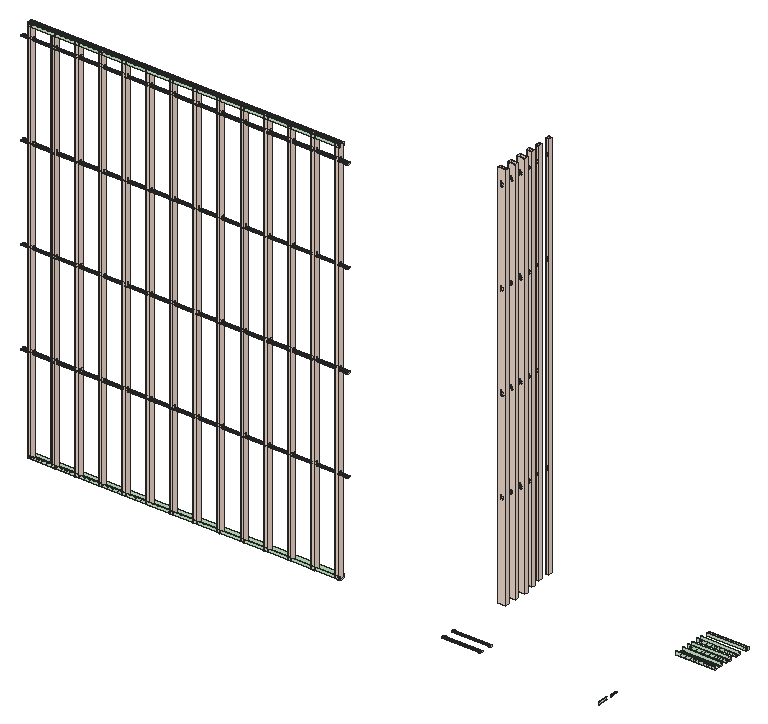
Revit family "SQ-PowerBar.", category 一般モデル, Revit 2020 (continued)
Definition of nested family "SQチャンネル（C-19）"
  Forms (mm)
    Extrusion 1, solid
      sketch origin (-9.5, 0, 0) x (0, 0, -1) y (1, 0, 0)
        loop
          arc (-6.886, 17.155) -> (-6.45, 17.039) -> (-6, 17) r 2.617
          arc (-6, 17) -> (-5.55, 17.039) -> (-5.114, 17.155) r 2.617
          line (-5.114, 17.155) -> (-2.406, 18.129)
          arc (-2.406, 18.129) -> (-1.31, 17.982) -> (-0.8, 17) r 1.2
          line (-0.8, 17) -> (-0.8, 13.5) -> (0, 13.5) -> (0, 17)
          arc (0, 17) -> (-0.85, 18.636) -> (-2.677, 18.882) r 2
          line (-2.677, 18.882) -> (-6, 17.686) -> (-9.323, 18.882)
      from 0 to -1000
  Dimensions and locks
    "K_長さ(mm)": plane 1 "中心(正面/背面)" to plane 4
    aligned and locked: level to plane 2
    aligned and locked: plane 4 to Extrusion 1
  Automatic sketch dimensions
    Extrusion 1 sketch curve to Extrusion 1 sketch curve = 0 mm  (x20)
    Extrusion 1 sketch curve to plane 3 "中心(左/右)" = 0 mm  (x2)
    Extrusion 1 sketch curve to plane 5 = 0 mm  (x2)
    Extrusion 1 sketch curve to level = 0 mm  (x2)
    Extrusion 1 sketch curve to plane 5 = 0.617 mm
    Extrusion 1 sketch curve to Extrusion 1 sketch curve = 0.8 mm  (x3)
    plane 5 to Extrusion 1 sketch curve = 0.8 mm
    plane 5 to Extrusion 1 sketch curve = 1.314 mm
    plane 3 "中心(左/右)" to Extrusion 1 sketch curve = 0.886 mm
    Extrusion 1 sketch curve to Extrusion 1 sketch curve = 0.531 mm  (x3)
    Extrusion 1 sketch curve to plane 3 "中心(左/右)" = 0.886 mm
    Extrusion 1 sketch curve to Extrusion 1 sketch curve = 1.2 mm  (x2)
    Extrusion 1 sketch curve to Extrusion 1 sketch curve = 0.406 mm  (x4)
    Extrusion 1 sketch curve to Extrusion 1 sketch curve = 0.271 mm  (x4)
    Extrusion 1 sketch curve to Extrusion 1 sketch curve = 2.707 mm  (x2)
    Extrusion 1 sketch curve to Extrusion 1 sketch curve = 0.886 mm  (x4)
    level to Extrusion 1 sketch curve = 2.677 mm  (x2)
    Extrusion 1 sketch curve to Extrusion 1 sketch curve = 2.765 mm  (x2)
    Extrusion 1 sketch curve to Extrusion 1 sketch curve = 0.14 mm  (x2)
    Extrusion 1 sketch curve to plane 3 "中心(左/右)" = 4 mm
    Extrusion 1 sketch curve to Extrusion 1 sketch curve = 3.5 mm  (x2)
    Extrusion 1 sketch curve to Extrusion 1 sketch curve = 3.709 mm  (x2)
    Extrusion 1 sketch curve to Extrusion 1 sketch curve = 1.727 mm
    Extrusion 1 sketch curve to Extrusion 1 sketch curve = 0.753 mm  (x2)
    Extrusion 1 sketch curve to Extrusion 1 sketch curve = 1.931 mm  (x2)
    plane 3 "中心(左/右)" to Extrusion 1 sketch curve = 4 mm
    Extrusion 1 sketch curve to Extrusion 1 sketch curve = 0.974 mm
Definition of nested family "SQチャンネル（C-38）"
  Parameters (values of type "SQチャンネル（C-38）")
    Manufacturer = "株式会社桐井製作所"
    Default Elevation = 0 mm
    URL = "https://www.kirii.co.jp/"
    K_長さ(mm) [instance] = 1000 mm
    K_外形寸法(mm) = "38×12×5×0.6"
    K_品名 = "SQチャンネルC-38"
    K_名称 = "振れ止め"
    K_バージョン情報 = "20210714"
  Reference planes
    plane 1 "中心(正面/背面)": y = 0
    plane 2: z = 0
    plane 3 "中心(左/右)": x = 0
    plane 4: y = 1000
    plane 5: z = 12
  Forms (mm)
    Extrusion 1, solid
      sketch origin (19, 0, 0) x (0, 0, -1) y (1, 0, 0)
        loop
          arc (-11.2, -31.193) -> (-10.618, -30.714) -> (-10.4, -29.993) r 1.3
          line (-10.4, -29.993) -> (-10.4, -25.007)
          arc (-10.4, -25.007) -> (-10.618, -24.286) -> (-11.2, -23.807) r 1.3
          line (-11.2, -23.807) -> (-11.2, -14.193)
          arc (-11.2, -14.193) -> (-10.618, -13.714) -> (-10.4, -12.993) r 1.3
          line (-10.4, -12.993) -> (-10.4, -8.007)
          arc (-10.4, -8.007) -> (-10.618, -7.286) -> (-11.2, -6.807) r 1.3
          line (-11.2, -6.807) -> (-11.2, -1.5)
          arc (-11.2, -1.5) -> (-10.995, -1.005) -> (-10.5, -0.8) r 0.7
          line (-10.5, -0.8) -> (-9.604, -0.8) -> (-6.94, -1.825)
          arc (-6.94, -1.825) -> (-6.029, -2) -> (-5.114, -1.845) r 2.617
          line (-5.114, -1.845) -> (-2.405, -0.87)
          arc (-2.405, -0.87) -> (-1.309, -1.019) -> (-0.8, -2) r 1.2
          line (-0.8, -2) -> (-0.8, -5) -> (0, -5) -> (0, -2)
          arc (0, -2) -> (-0.849, -0.364) -> (-2.675, -0.117) r 2
          line (-2.675, -0.117) -> (-5.385, -1.093)
          arc (-5.385, -1.093) -> (-6.02, -1.2) -> (-6.653, -1.079) r 1.817
          line (-6.653, -1.079) -> (-9.23, -0.087)
          arc (-9.23, -0.087) -> (-9.862, 0.007) -> (-10.5, 0) r 4.023
          arc (-10.5, 0) -> (-11.561, -0.439) -> (-12, -1.461) r 1.5
          line (-12, -1.461) -> (-12, -6.461)
          arc (-12, -6.461) -> (-11.782, -7.183) -> (-11.2, -7.661) r 1.3
          line (-11.2, -7.661) -> (-11.2, -13.338)
          arc (-11.2, -13.338) -> (-11.782, -13.817) -> (-12, -14.537) r 1.3
          line (-12, -14.537) -> (-12, -23.461)
          arc (-12, -23.461) -> (-11.782, -24.183) -> (-11.2, -24.661) r 1.3
          line (-11.2, -24.661) -> (-11.2, -30.338)
          arc (-11.2, -30.338) -> (-11.782, -30.817) -> (-12, -31.5) r 1.3
          line (-12, -31.5) -> (-12, -36.5)
          arc (-12, -36.5) -> (-11.561, -37.561) -> (-10.5, -38) r 1.5
          line (-10.5, -38) -> (-9.455, -38) -> (-6.653, -36.921)
          arc (-6.653, -36.921) -> (-6.02, -36.8) -> (-5.385, -36.907) r 1.817
          line (-5.385, -36.907) -> (-2.676, -37.882)
          arc (-2.676, -37.882) -> (-0.849, -37.636) -> (0, -36) r 2
          line (0, -36) -> (0, -33) -> (-0.8, -33) -> (-0.8, -36)
          arc (-0.8, -36) -> (-1.306, -36.979) -> (-2.397, -37.132) r 1.2
          line (-2.397, -37.132) -> (-5.114, -36.155)
          arc (-5.114, -36.155) -> (-6.029, -36) -> (-6.94, -36.175) r 2.617
          line (-6.94, -36.175) -> (-9.604, -37.2) -> (-10.5, -37.2)
          arc (-10.5, -37.2) -> (-10.995, -36.995) -> (-11.2, -36.5) r 0.7
          line (-11.2, -36.5) -> (-11.2, -31.193)
      from 0 to -1000
  Dimensions and locks
    "K_長さ(mm)": plane 1 "中心(正面/背面)" to plane 4
    aligned and locked: level to plane 2
    aligned and locked: plane 4 to Extrusion 1
  Automatic sketch dimensions
    Extrusion 1 sketch curve to Extrusion 1 sketch curve = 0 mm  (x27)
    Extrusion 1 sketch curve to level = 0 mm  (x2)
    level to Extrusion 1 sketch curve = 0 mm  (x2)
    level to Extrusion 1 sketch curve = 0.8 mm  (x2)
    Extrusion 1 sketch curve to Extrusion 1 sketch curve = 0.8 mm  (x7)
    Extrusion 1 sketch curve to Extrusion 1 sketch curve = 1.199 mm
    Extrusion 1 sketch curve to Extrusion 1 sketch curve = 0.001 mm
    Extrusion 1 sketch curve to Extrusion 1 sketch curve = 1.2 mm
    Extrusion 1 sketch curve to Extrusion 1 sketch curve = 0.398 mm
    Extrusion 1 sketch curve to Extrusion 1 sketch curve = 0.405 mm
    Extrusion 1 sketch curve to Extrusion 1 sketch curve = 0.27 mm
    Extrusion 1 sketch curve to Extrusion 1 sketch curve = 0.279 mm
    Extrusion 1 sketch curve to Extrusion 1 sketch curve = 2.709 mm
    Extrusion 1 sketch curve to Extrusion 1 sketch curve = 2.717 mm
    Extrusion 1 sketch curve to Extrusion 1 sketch curve = 0.271 mm  (x2)
    Extrusion 1 sketch curve to Extrusion 1 sketch curve = 0.615 mm  (x2)
    Extrusion 1 sketch curve to Extrusion 1 sketch curve = 1.268 mm  (x2)
    Extrusion 1 sketch curve to Extrusion 1 sketch curve = 0.287 mm  (x2)
    Extrusion 1 sketch curve to Extrusion 1 sketch curve = 2.577 mm
    Extrusion 1 sketch curve to Extrusion 1 sketch curve = 2.803 mm
    Extrusion 1 sketch curve to Extrusion 1 sketch curve = 0.374 mm
    Extrusion 1 sketch curve to Extrusion 1 sketch curve = 0.149 mm
    Extrusion 1 sketch curve to Extrusion 1 sketch curve = 0.532 mm
    Extrusion 1 sketch curve to Extrusion 1 sketch curve = 0.264 mm
    level to Extrusion 1 sketch curve = 10.4 mm
    Extrusion 1 sketch curve to Extrusion 1 sketch curve = 0.896 mm  (x2)
    Extrusion 1 sketch curve to Extrusion 1 sketch curve = 0.3 mm  (x4)
    Extrusion 1 sketch curve to Extrusion 1 sketch curve = 0.5 mm  (x8)
    Extrusion 1 sketch curve to Extrusion 1 sketch curve = 0.7 mm
    Extrusion 1 sketch curve to plane 3 "中心(左/右)" = 19.617 mm
    Extrusion 1 sketch curve to Extrusion 1 sketch curve = 0.617 mm
    Extrusion 1 sketch curve to Extrusion 1 sketch curve = 0.735 mm
    Extrusion 1 sketch curve to Extrusion 1 sketch curve = 0.749 mm
    Extrusion 1 sketch curve to Extrusion 1 sketch curve = 1.695 mm
    Extrusion 1 sketch curve to Extrusion 1 sketch curve = 0.747 mm
    Extrusion 1 sketch curve to Extrusion 1 sketch curve = 1.132 mm
    Extrusion 1 sketch curve to Extrusion 1 sketch curve = 4.962 mm
    Extrusion 1 sketch curve to Extrusion 1 sketch curve = 0.346 mm  (x10)
    Extrusion 1 sketch curve to Extrusion 1 sketch curve = 4.986 mm  (x2)
    plane 3 "中心(左/右)" to Extrusion 1 sketch curve = 4.462 mm
    Extrusion 1 sketch curve to Extrusion 1 sketch curve = 1.462 mm
    Extrusion 1 sketch curve to Extrusion 1 sketch curve = 2.455 mm
    Extrusion 1 sketch curve to Extrusion 1 sketch curve = 3 mm
    Extrusion 1 sketch curve to Extrusion 1 sketch curve = 0.975 mm
    Extrusion 1 sketch curve to Extrusion 1 sketch curve = 0.02 mm
    Extrusion 1 sketch curve to Extrusion 1 sketch curve = 2.507 mm
    Extrusion 1 sketch curve to Extrusion 1 sketch curve = 0.753 mm
    Extrusion 1 sketch curve to Extrusion 1 sketch curve = 0.713 mm
    Extrusion 1 sketch curve to Extrusion 1 sketch curve = 0.038 mm  (x2)
    Extrusion 1 sketch curve to Extrusion 1 sketch curve = 0.002 mm
Definition of nested family "SQ-C38ジョイント"
  Parameters (values of type "SQ-C38ジョイント")
    Manufacturer = "株式会社桐井製作所"
    Default Elevation = 0 mm
    URL = "https://www.kirii.co.jp/"
    K_品名 = "SQ-C38ジョイント"
    K_名称 = "チャンネルジョイント"
    K_入数 = "400"
    K_バージョン情報 = "20210714"
  Reference planes
    plane 1 "中心(正面/背面)": y = 0
    plane 2: z = 0
    plane 3 "中心(左/右)": x = 0
  Forms (mm)
    Extrusion 1, solid
      sketch origin (2.7, 0, 0) x (1, 0, 0) y (0, 0, 1)
        loop
          arc (-10, 17) -> (-10.919, 16.619) -> (-11.3, 15.7) r 1.3
          line (-11.3, 15.7) -> (-11.3, -15.7)
          arc (-11.3, -15.7) -> (-10.919, -16.619) -> (-10, -17) r 1.3
          line (-10, -17) -> (-2.7, -17) -> (-2.7, -16.2) -> (-10, -16.2)
          arc (-10, -16.2) -> (-10.354, -16.054) -> (-10.5, -15.7) r 0.5
          line (-10.5, -15.7) -> (-10.5, 15.7)
          arc (-10.5, 15.7) -> (-10.354, 16.054) -> (-10, 16.2) r 0.5
          line (-10, 16.2) -> (-2.7, 16.2) -> (-2.7, 17) -> (-10, 17)
      from -60 to 60
    Extrusion 2, solid
      sketch origin (0, 0, 0) x (1, 0, 0) y (0, 0, 1)
        loop
          line (-8.6, 11.158) -> (-8.6, 12)
          arc (-8.6, 12) -> (-10.767, 10.5) -> (-11.6, 8) r 4.167
          line (-11.6, 8) -> (-11.6, -8)
          arc (-11.6, -8) -> (-10.767, -10.5) -> (-8.6, -12) r 4.167
          line (-8.6, -12) -> (-8.6, -11.158)
          arc (-8.6, -11.158) -> (-10.196, -9.924) -> (-10.8, -8) r 3.367
          line (-10.8, -8) -> (-10.8, 8)
          arc (-10.8, 8) -> (-10.196, 9.924) -> (-8.6, 11.158) r 3.367
      from -6 to 6
    Extrusion 3, void
      sketch origin (0, 0, 0) x (0, 1, 0) y (0, 0, 1)
        loop
          line (-40, 7.521) -> (-40, -7.479) -> (-20, -7.479) -> (-20, 7.521) -> (-40, 7.521)
        loop
          line (20, 7.521) -> (20, -7.479) -> (40, -7.479) -> (40, 7.521) -> (20, 7.521)
      from -8.6 to -7.8
    Extrusion 4, solid
      sketch origin (0, 0, 0) x (1, 0, 0) y (0, 1, 0)
        loop
          line (-8.6, 40) -> (-11.6, 20) -> (-10.809, 19.881) -> (-7.8, 40) -> (-8.6, 40)
        loop
          line (-8.6, -40) -> (-7.8, -40) -> (-10.809, -19.881) -> (-11.6, -20) -> (-8.6, -40)
      from -7.479 to 7.521
    Extrusion 5, void
      sketch origin (0, 0, 0) x (0, 1, 0) y (0, 0, 1)
        loop
          line (-6, 11.158) -> (-6, -11.158) -> (6, -11.158) -> (6, 11.158) -> (-6, 11.158)
      from -8.6 to -7.8
  Cuts and joins
    Extrusion 3, Extrusion 5 cuts Extrusion 1
    joined: Extrusion 1, Extrusion 2, Extrusion 4
  Dimensions and locks
    aligned and locked: level to plane 2
Definition of nested family "SQ-PowerBar4045"
  Parameters (values of type "SQ-PowerBar4045")
    Manufacturer = "株式会社桐井製作所"
    Default Elevation = 0 mm
    振れ止め本数 [instance] = roundup(([K_長さ(mm)] - 1200 mm) * 1 / 振れ止めピッチ) * 1  # 4
    振れ止めピッチ = 1200 mm  # constant formula
    URL = "https://www.kirii.co.jp/"
    K_長さ(mm) [instance] = 5000 mm
    K_外形寸法(mm) = "40×45×0.45"
    K_品名 = "SQ-PowerBar4045"
    K_名称 = "スタッド"
    K_バージョン情報 = "20210714"
  Reference planes
    plane 1 "中心(正面/背面)": y = 0
    plane 2: z = 0
    plane 3 "中心(左/右)": x = 0
    plane 4: x = 20
    plane 5: x = -20
    plane 6: y = 22.5
    plane 7: z = 5000
    plane 8: y = -22.5
    plane 9: z = 1200
  Forms (mm)
    Extrusion 1, solid
      sketch origin (0.5, -20, 0) x (1, 0, 0) y (0, 1, 0)
        loop
          line (-20.5, 42.5) -> (-20.5, -2.5) -> (19.5, -2.5) -> (19.5, 42.5) -> (-20.5, 42.5)
        loop
          line (-20.05, 42.05) -> (-20.05, -2.05) -> (19.05, -2.05) -> (19.05, 42.05) -> (-20.05, 42.05)
      from 0 to 5000
    Extrusion 2, void
      sketch origin (0, 0, -2.498) x (1, 0, 0) y (0, 0, 1)
        loop
          line (9.5, 1214.5) -> (10.689, 1225.606)
          arc (10.689, 1225.606) -> (9.707, 1231.368) -> (5.855, 1235.765) r 10.75
          arc (5.855, 1235.765) -> (5.521, 1236.127) -> (5.4, 1236.604) r 1
          line (5.4, 1236.604) -> (5.4, 1238.5)
          arc (5.4, 1238.5) -> (5.107, 1239.207) -> (4.4, 1239.5) r 1
          line (4.4, 1239.5) -> (-4.4, 1239.5)
          arc (-4.4, 1239.5) -> (-5.107, 1239.207) -> (-5.4, 1238.5) r 1
          line (-5.4, 1238.5) -> (-5.4, 1236.604)
          arc (-5.4, 1236.604) -> (-5.521, 1236.127) -> (-5.855, 1235.765) r 1
          arc (-5.855, 1235.765) -> (-9.707, 1231.368) -> (-10.689, 1225.606) r 10.75
          line (-10.689, 1225.606) -> (-9.5, 1214.5) -> (-9.5, 1211.956) -> (-8.421, 1209.153)
          arc (-8.421, 1209.153) -> (-8.3, 1208.52) -> (-8.407, 1207.885) r 1.817
          line (-8.407, 1207.885) -> (-9.501, 1204.847) -> (-9.501, 1203.499)
          arc (-9.501, 1203.499) -> (-9.208, 1202.791) -> (-8.5, 1202.498) r 1.001
          line (-8.5, 1202.498) -> (-6.417, 1202.498)
          arc (-6.417, 1202.498) -> (-5.841, 1202.309) -> (-5.486, 1201.818) r 0.978
          line (-5.486, 1201.818) -> (-5.359, 1201.002)
          arc (-5.359, 1201.002) -> (-5.072, 1200.31) -> (-4.379, 1200.023) r 0.979
          line (-4.379, 1200.023) -> (4.379, 1200.023)
          arc (4.379, 1200.023) -> (5.072, 1200.31) -> (5.359, 1201.002) r 0.979
          line (5.359, 1201.002) -> (5.486, 1201.818)
          arc (5.486, 1201.818) -> (5.841, 1202.309) -> (6.417, 1202.498) r 0.978
          line (6.417, 1202.498) -> (8.5, 1202.5)
          arc (8.5, 1202.5) -> (9.207, 1202.793) -> (9.5, 1203.5) r 1
          line (9.5, 1203.5) -> (9.5, 1204.849) -> (8.407, 1207.885)
          arc (8.407, 1207.885) -> (8.3, 1208.52) -> (8.421, 1209.153) r 1.817
          line (8.421, 1209.153) -> (9.5, 1211.956) -> (9.5, 1214.5)
      from -22.5 to -21.596
    Extrusion 3, void
      sketch origin (0, 0, 0) x (1, 0, 0) y (0, 0, 1)
        loop
          line (-4.774, 1234.724) -> (-4.8, 1233.869)
          arc (-4.8, 1233.869) -> (-9.43, 1229.41) -> (-10.689, 1223.106) r 10.75
          line (-10.689, 1223.106) -> (-9.5, 1212.003) -> (-9.5, 1209.457) -> (-9.5, 1200.952)
          arc (-9.5, 1200.952) -> (-9.19, 1200.276) -> (-8.5, 1200) r 1.001
          line (-8.5, 1200) -> (-4.8, 1200)
          arc (-4.8, 1200) -> (-4.507, 1199.293) -> (-3.8, 1199) r 1
          line (-3.8, 1199) -> (3.8, 1199)
          arc (3.8, 1199) -> (4.507, 1199.293) -> (4.8, 1200) r 1
          line (4.8, 1200) -> (8.5, 1200.002)
          arc (8.5, 1200.002) -> (9.207, 1200.295) -> (9.5, 1201) r 1
          line (9.5, 1201) -> (9.5, 1210) -> (9.5, 1212) -> (10.689, 1223.106)
          arc (10.689, 1223.106) -> (9.431, 1229.41) -> (4.8, 1233.869) r 10.75
          line (4.8, 1233.869) -> (4.774, 1234.724)
          arc (4.774, 1234.724) -> (4.423, 1235.282) -> (3.8, 1235.5) r 1
          line (3.8, 1235.5) -> (-3.8, 1235.5)
          arc (-3.8, 1235.5) -> (-4.423, 1235.282) -> (-4.774, 1234.724) r 1
      from 21.501 to 22.5
    Extrusion 4, void
      sketch origin (0, 0, 1200) x (1, 0, 0) y (0, 0, 1)
        loop
          line (-4.774, 1234.724) -> (-4.8, 1233.869)
          arc (-4.8, 1233.869) -> (-9.43, 1229.41) -> (-10.689, 1223.106) r 10.75
          line (-10.689, 1223.106) -> (-9.5, 1212.003) -> (-9.5, 1209.457) -> (-9.5, 1200.952)
          arc (-9.5, 1200.952) -> (-9.19, 1200.276) -> (-8.5, 1200) r 1.001
          line (-8.5, 1200) -> (-4.8, 1200)
          arc (-4.8, 1200) -> (-4.507, 1199.293) -> (-3.8, 1199) r 1
          line (-3.8, 1199) -> (3.8, 1199)
          arc (3.8, 1199) -> (4.507, 1199.293) -> (4.8, 1200) r 1
          line (4.8, 1200) -> (8.5, 1200.002)
          arc (8.5, 1200.002) -> (9.207, 1200.295) -> (9.5, 1201) r 1
          line (9.5, 1201) -> (9.5, 1210) -> (9.5, 1212) -> (10.689, 1223.106)
          arc (10.689, 1223.106) -> (9.431, 1229.41) -> (4.8, 1233.869) r 10.75
          line (4.8, 1233.869) -> (4.774, 1234.724)
          arc (4.774, 1234.724) -> (4.423, 1235.282) -> (3.8, 1235.5) r 1
          line (3.8, 1235.5) -> (-3.8, 1235.5)
          arc (-3.8, 1235.5) -> (-4.423, 1235.282) -> (-4.774, 1234.724) r 1
      from 21.501 to 22.5
    Extrusion 5, void
      sketch origin (0, 0, 2400) x (1, 0, 0) y (0, 0, 1)
        loop
          line (-4.774, 1234.724) -> (-4.8, 1233.869)
          arc (-4.8, 1233.869) -> (-9.43, 1229.41) -> (-10.689, 1223.106) r 10.75
          line (-10.689, 1223.106) -> (-9.5, 1212.003) -> (-9.5, 1209.457) -> (-9.5, 1200.952)
          arc (-9.5, 1200.952) -> (-9.19, 1200.276) -> (-8.5, 1200) r 1.001
          line (-8.5, 1200) -> (-4.8, 1200)
          arc (-4.8, 1200) -> (-4.507, 1199.293) -> (-3.8, 1199) r 1
          line (-3.8, 1199) -> (3.8, 1199)
          arc (3.8, 1199) -> (4.507, 1199.293) -> (4.8, 1200) r 1
          line (4.8, 1200) -> (8.5, 1200.002)
          arc (8.5, 1200.002) -> (9.207, 1200.295) -> (9.5, 1201) r 1
          line (9.5, 1201) -> (9.5, 1210) -> (9.5, 1212) -> (10.689, 1223.106)
          arc (10.689, 1223.106) -> (9.431, 1229.41) -> (4.8, 1233.869) r 10.75
          line (4.8, 1233.869) -> (4.774, 1234.724)
          arc (4.774, 1234.724) -> (4.423, 1235.282) -> (3.8, 1235.5) r 1
          line (3.8, 1235.5) -> (-3.8, 1235.5)
          arc (-3.8, 1235.5) -> (-4.423, 1235.282) -> (-4.774, 1234.724) r 1
      from 21.501 to 22.5
    Extrusion 6, void
      sketch origin (0, 0, 3600) x (1, 0, 0) y (0, 0, 1)
        loop
          line (-4.774, 1234.724) -> (-4.8, 1233.869)
          arc (-4.8, 1233.869) -> (-9.43, 1229.41) -> (-10.689, 1223.106) r 10.75
          line (-10.689, 1223.106) -> (-9.5, 1212.003) -> (-9.5, 1209.457) -> (-9.5, 1200.952)
          arc (-9.5, 1200.952) -> (-9.19, 1200.276) -> (-8.5, 1200) r 1.001
          line (-8.5, 1200) -> (-4.8, 1200)
          arc (-4.8, 1200) -> (-4.507, 1199.293) -> (-3.8, 1199) r 1
          line (-3.8, 1199) -> (3.8, 1199)
          arc (3.8, 1199) -> (4.507, 1199.293) -> (4.8, 1200) r 1
          line (4.8, 1200) -> (8.5, 1200.002)
          arc (8.5, 1200.002) -> (9.207, 1200.295) -> (9.5, 1201) r 1
          line (9.5, 1201) -> (9.5, 1210) -> (9.5, 1212) -> (10.689, 1223.106)
          arc (10.689, 1223.106) -> (9.431, 1229.41) -> (4.8, 1233.869) r 10.75
          line (4.8, 1233.869) -> (4.774, 1234.724)
          arc (4.774, 1234.724) -> (4.423, 1235.282) -> (3.8, 1235.5) r 1
          line (3.8, 1235.5) -> (-3.8, 1235.5)
          arc (-3.8, 1235.5) -> (-4.423, 1235.282) -> (-4.774, 1234.724) r 1
      from 21.501 to 22.5
    Extrusion 7, void
      sketch origin (0, 0, 1197.502) x (1, 0, 0) y (0, 0, 1)
        loop
          line (9.5, 1214.5) -> (10.689, 1225.606)
          arc (10.689, 1225.606) -> (9.707, 1231.368) -> (5.855, 1235.765) r 10.75
          arc (5.855, 1235.765) -> (5.521, 1236.127) -> (5.4, 1236.604) r 1
          line (5.4, 1236.604) -> (5.4, 1238.5)
          arc (5.4, 1238.5) -> (5.107, 1239.207) -> (4.4, 1239.5) r 1
          line (4.4, 1239.5) -> (-4.4, 1239.5)
          arc (-4.4, 1239.5) -> (-5.107, 1239.207) -> (-5.4, 1238.5) r 1
          line (-5.4, 1238.5) -> (-5.4, 1236.604)
          arc (-5.4, 1236.604) -> (-5.521, 1236.127) -> (-5.855, 1235.765) r 1
          arc (-5.855, 1235.765) -> (-9.707, 1231.368) -> (-10.689, 1225.606) r 10.75
          line (-10.689, 1225.606) -> (-9.5, 1214.5) -> (-9.5, 1211.956) -> (-8.421, 1209.153)
          arc (-8.421, 1209.153) -> (-8.3, 1208.52) -> (-8.407, 1207.885) r 1.817
          line (-8.407, 1207.885) -> (-9.501, 1204.847) -> (-9.501, 1203.499)
          arc (-9.501, 1203.499) -> (-9.208, 1202.791) -> (-8.5, 1202.498) r 1.001
          line (-8.5, 1202.498) -> (-6.417, 1202.498)
          arc (-6.417, 1202.498) -> (-5.841, 1202.309) -> (-5.486, 1201.818) r 0.978
          line (-5.486, 1201.818) -> (-5.359, 1201.002)
          arc (-5.359, 1201.002) -> (-5.072, 1200.31) -> (-4.379, 1200.023) r 0.979
          line (-4.379, 1200.023) -> (4.379, 1200.023)
          arc (4.379, 1200.023) -> (5.072, 1200.31) -> (5.359, 1201.002) r 0.979
          line (5.359, 1201.002) -> (5.486, 1201.818)
          arc (5.486, 1201.818) -> (5.841, 1202.309) -> (6.417, 1202.498) r 0.978
          line (6.417, 1202.498) -> (8.5, 1202.5)
          arc (8.5, 1202.5) -> (9.207, 1202.793) -> (9.5, 1203.5) r 1
          line (9.5, 1203.5) -> (9.5, 1204.849) -> (8.407, 1207.885)
          arc (8.407, 1207.885) -> (8.3, 1208.52) -> (8.421, 1209.153) r 1.817
          line (8.421, 1209.153) -> (9.5, 1211.956) -> (9.5, 1214.5)
      from -22.5 to -21.596
    Extrusion 8, void
      sketch origin (0, 0, 2397.502) x (1, 0, 0) y (0, 0, 1)
        loop
          line (9.5, 1214.5) -> (10.689, 1225.606)
          arc (10.689, 1225.606) -> (9.707, 1231.368) -> (5.855, 1235.765) r 10.75
          arc (5.855, 1235.765) -> (5.521, 1236.127) -> (5.4, 1236.604) r 1
          line (5.4, 1236.604) -> (5.4, 1238.5)
          arc (5.4, 1238.5) -> (5.107, 1239.207) -> (4.4, 1239.5) r 1
          line (4.4, 1239.5) -> (-4.4, 1239.5)
          arc (-4.4, 1239.5) -> (-5.107, 1239.207) -> (-5.4, 1238.5) r 1
          line (-5.4, 1238.5) -> (-5.4, 1236.604)
          arc (-5.4, 1236.604) -> (-5.521, 1236.127) -> (-5.855, 1235.765) r 1
          arc (-5.855, 1235.765) -> (-9.707, 1231.368) -> (-10.689, 1225.606) r 10.75
          line (-10.689, 1225.606) -> (-9.5, 1214.5) -> (-9.5, 1211.956) -> (-8.421, 1209.153)
          arc (-8.421, 1209.153) -> (-8.3, 1208.52) -> (-8.407, 1207.885) r 1.817
          line (-8.407, 1207.885) -> (-9.501, 1204.847) -> (-9.501, 1203.499)
          arc (-9.501, 1203.499) -> (-9.208, 1202.791) -> (-8.5, 1202.498) r 1.001
          line (-8.5, 1202.498) -> (-6.417, 1202.498)
          arc (-6.417, 1202.498) -> (-5.841, 1202.309) -> (-5.486, 1201.818) r 0.978
          line (-5.486, 1201.818) -> (-5.359, 1201.002)
          arc (-5.359, 1201.002) -> (-5.072, 1200.31) -> (-4.379, 1200.023) r 0.979
          line (-4.379, 1200.023) -> (4.379, 1200.023)
          arc (4.379, 1200.023) -> (5.072, 1200.31) -> (5.359, 1201.002) r 0.979
          line (5.359, 1201.002) -> (5.486, 1201.818)
          arc (5.486, 1201.818) -> (5.841, 1202.309) -> (6.417, 1202.498) r 0.978
          line (6.417, 1202.498) -> (8.5, 1202.5)
          arc (8.5, 1202.5) -> (9.207, 1202.793) -> (9.5, 1203.5) r 1
          line (9.5, 1203.5) -> (9.5, 1204.849) -> (8.407, 1207.885)
          arc (8.407, 1207.885) -> (8.3, 1208.52) -> (8.421, 1209.153) r 1.817
          line (8.421, 1209.153) -> (9.5, 1211.956) -> (9.5, 1214.5)
      from -22.5 to -21.596
    Extrusion 9, void
      sketch origin (0, 0, 3597.502) x (1, 0, 0) y (0, 0, 1)
        loop
          line (9.5, 1214.5) -> (10.689, 1225.606)
          arc (10.689, 1225.606) -> (9.707, 1231.368) -> (5.855, 1235.765) r 10.75
          arc (5.855, 1235.765) -> (5.521, 1236.127) -> (5.4, 1236.604) r 1
          line (5.4, 1236.604) -> (5.4, 1238.5)
          arc (5.4, 1238.5) -> (5.107, 1239.207) -> (4.4, 1239.5) r 1
          line (4.4, 1239.5) -> (-4.4, 1239.5)
          arc (-4.4, 1239.5) -> (-5.107, 1239.207) -> (-5.4, 1238.5) r 1
          line (-5.4, 1238.5) -> (-5.4, 1236.604)
          arc (-5.4, 1236.604) -> (-5.521, 1236.127) -> (-5.855, 1235.765) r 1
          arc (-5.855, 1235.765) -> (-9.707, 1231.368) -> (-10.689, 1225.606) r 10.75
          line (-10.689, 1225.606) -> (-9.5, 1214.5) -> (-9.5, 1211.956) -> (-8.421, 1209.153)
          arc (-8.421, 1209.153) -> (-8.3, 1208.52) -> (-8.407, 1207.885) r 1.817
          line (-8.407, 1207.885) -> (-9.501, 1204.847) -> (-9.501, 1203.499)
          arc (-9.501, 1203.499) -> (-9.208, 1202.791) -> (-8.5, 1202.498) r 1.001
          line (-8.5, 1202.498) -> (-6.417, 1202.498)
          arc (-6.417, 1202.498) -> (-5.841, 1202.309) -> (-5.486, 1201.818) r 0.978
          line (-5.486, 1201.818) -> (-5.359, 1201.002)
          arc (-5.359, 1201.002) -> (-5.072, 1200.31) -> (-4.379, 1200.023) r 0.979
          line (-4.379, 1200.023) -> (4.379, 1200.023)
          arc (4.379, 1200.023) -> (5.072, 1200.31) -> (5.359, 1201.002) r 0.979
          line (5.359, 1201.002) -> (5.486, 1201.818)
          arc (5.486, 1201.818) -> (5.841, 1202.309) -> (6.417, 1202.498) r 0.978
          line (6.417, 1202.498) -> (8.5, 1202.5)
          arc (8.5, 1202.5) -> (9.207, 1202.793) -> (9.5, 1203.5) r 1
          line (9.5, 1203.5) -> (9.5, 1204.849) -> (8.407, 1207.885)
          arc (8.407, 1207.885) -> (8.3, 1208.52) -> (8.421, 1209.153) r 1.817
          line (8.421, 1209.153) -> (9.5, 1211.956) -> (9.5, 1214.5)
      from -22.5 to -21.596
  Cuts and joins
    Extrusion 2, Extrusion 3, Extrusion 5, Extrusion 6, Extrusion 8, Extrusion 9 cuts Extrusion 1
  Dimensions and locks
    "K_長さ(mm)": plane 7 to level
    equal spacing: group 1, group 2, group 3, group 4  (x3)
    "振れ止めピッチ": plane 2 to plane 9
    equal spacing: group 5, group 6, group 7, group 8  (x3)
    aligned and locked: level to plane 2
    aligned and locked: Extrusion 1 sketch curve to plane 6
    aligned and locked: plane 7 to Extrusion 1
    aligned and locked: plane 6 to Extrusion 1
    aligned and locked: Extrusion 1 to plane 8
    aligned and locked: plane 4 to Extrusion 1
    aligned and locked: Extrusion 1 to plane 5
    aligned and locked: plane 9 to cut or joined group of Extrusion 1, Extrusion 2, Extrusion 3, Extrusion 5, Extrusion 6, Extrusion 8, Extrusion 9
    aligned and locked: cut or joined group of Extrusion 1, Extrusion 2, Extrusion 3, Extrusion 5, Extrusion 6, Extrusion 8, Extrusion 9 to plane 9
  Automatic sketch dimensions
    Extrusion 1 sketch curve to plane 4 = 0.45 mm
    plane 5 to Extrusion 1 sketch curve = 0.45 mm
    plane 1 "中心(正面/背面)" to Extrusion 1 sketch curve = 22.05 mm
    Extrusion 1 sketch curve to plane 6 = 0.45 mm
    Extrusion 1 sketch curve to plane 4 = 0 mm
    Extrusion 1 sketch curve to plane 5 = 0 mm
    Extrusion 1 sketch curve to plane 8 = 0 mm
    Extrusion 2 sketch curve to Extrusion 2 sketch curve = 1.188 mm
    Extrusion 2 sketch curve to Extrusion 2 sketch curve = 0.001 mm
    Extrusion 2 sketch curve to Extrusion 2 sketch curve = 1.001 mm
    Extrusion 2 sketch curve to Extrusion 2 sketch curve = 2.082 mm
    Extrusion 2 sketch curve to Extrusion 2 sketch curve = 4.289 mm
    Extrusion 2 sketch curve to Extrusion 2 sketch curve = 0.931 mm  (x2)
    Extrusion 2 sketch curve to Extrusion 2 sketch curve = 1 mm  (x6)
    Extrusion 2 sketch curve to Extrusion 2 sketch curve = 0.127 mm  (x2)
    Extrusion 2 sketch curve to Extrusion 2 sketch curve = 0.979 mm
    Extrusion 2 sketch curve to Extrusion 2 sketch curve = 10.689 mm  (x2)
    Extrusion 2 sketch curve to Extrusion 2 sketch curve = 8.759 mm
    Extrusion 2 sketch curve to Extrusion 2 sketch curve = 8.8 mm
    Extrusion 2 sketch curve to Extrusion 2 sketch curve = 2.083 mm
    Extrusion 2 sketch curve to Extrusion 2 sketch curve = 0 mm  (x5)
    Extrusion 2 sketch curve to Extrusion 2 sketch curve = 0.518 mm  (x2)
    Extrusion 2 sketch curve to Extrusion 2 sketch curve = 0.816 mm  (x2)
    Extrusion 2 sketch curve to Extrusion 2 sketch curve = 0.002 mm
    Extrusion 2 sketch curve to Extrusion 2 sketch curve = 8.457 mm
    Extrusion 2 sketch curve to Extrusion 2 sketch curve = 8.456 mm
    Extrusion 2 sketch curve to Extrusion 2 sketch curve = 2.544 mm  (x2)
    Extrusion 2 sketch curve to Extrusion 2 sketch curve = 11.106 mm  (x2)
    Extrusion 2 sketch curve to Extrusion 2 sketch curve = 1.144 mm
    Extrusion 2 sketch curve to Extrusion 2 sketch curve = 9.854 mm  (x2)
    Extrusion 2 sketch curve to Extrusion 2 sketch curve = 1.896 mm
    Extrusion 2 sketch curve to Extrusion 2 sketch curve = 1.079 mm
    Extrusion 2 sketch curve to Extrusion 2 sketch curve = 0.014 mm  (x2)
    Extrusion 2 sketch curve to Extrusion 2 sketch curve = 0.017 mm
    Extrusion 2 sketch curve to Extrusion 2 sketch curve = 1.093 mm
    Extrusion 2 sketch curve to Extrusion 2 sketch curve = 1.348 mm
    Extrusion 2 sketch curve to Extrusion 2 sketch curve = 1.349 mm
    Extrusion 2 sketch curve to Extrusion 2 sketch curve = 3.036 mm
    Extrusion 2 sketch curve to Extrusion 2 sketch curve = 3.038 mm
    Extrusion 2 sketch curve to Extrusion 2 sketch curve = 1.268 mm  (x2)
    Extrusion 2 sketch curve to Extrusion 2 sketch curve = 1.695 mm
    Extrusion 2 sketch curve to Extrusion 2 sketch curve = 1.709 mm
    Extrusion 3 sketch curve to Extrusion 3 sketch curve = 0 mm  (x7)
    Extrusion 3 sketch curve to Extrusion 3 sketch curve = 1 mm  (x4)
    Extrusion 3 sketch curve to Extrusion 3 sketch curve = 3.7 mm  (x2)
    Extrusion 3 sketch curve to Extrusion 3 sketch curve = 0.025 mm  (x2)
    Extrusion 3 sketch curve to Extrusion 3 sketch curve = 0.975 mm  (x2)
    Extrusion 3 sketch curve to Extrusion 3 sketch curve = 8.998 mm
    Extrusion 3 sketch curve to Extrusion 3 sketch curve = 2 mm
    Extrusion 3 sketch curve to Extrusion 3 sketch curve = 11.002 mm
    Extrusion 3 sketch curve to Extrusion 3 sketch curve = 11.102 mm
    Extrusion 3 sketch curve to Extrusion 3 sketch curve = 11.106 mm
    Extrusion 3 sketch curve to Extrusion 3 sketch curve = 1.144 mm
    Extrusion 3 sketch curve to Extrusion 3 sketch curve = 0.631 mm  (x2)
    Extrusion 3 sketch curve to Extrusion 3 sketch curve = 0.855 mm
    Extrusion 3 sketch curve to Extrusion 3 sketch curve = 0.002 mm
    Extrusion 3 sketch curve to Extrusion 3 sketch curve = 2.546 mm
    Extrusion 3 sketch curve to Extrusion 3 sketch curve = 0.001 mm
    Extrusion 3 sketch curve to Extrusion 3 sketch curve = 1.189 mm
    Extrusion 3 sketch curve to Extrusion 3 sketch curve = 5.889 mm
    Extrusion 3 sketch curve to Extrusion 3 sketch curve = 10.689 mm  (x2)
    Extrusion 3 sketch curve to Extrusion 3 sketch curve = 7.599 mm
    Extrusion 3 sketch curve to Extrusion 3 sketch curve = 7.6 mm
    Extrusion 3 sketch curve to Extrusion 3 sketch curve = 0.952 mm
    Extrusion 3 sketch curve to Extrusion 3 sketch curve = 1.002 mm
    Extrusion 4 sketch curve to Extrusion 4 sketch curve = 0 mm  (x7)
    Extrusion 4 sketch curve to Extrusion 4 sketch curve = 1 mm  (x4)
    Extrusion 4 sketch curve to Extrusion 4 sketch curve = 3.7 mm  (x2)
    Extrusion 4 sketch curve to Extrusion 4 sketch curve = 0.025 mm  (x2)
    Extrusion 4 sketch curve to Extrusion 4 sketch curve = 0.975 mm  (x2)
    Extrusion 4 sketch curve to Extrusion 4 sketch curve = 8.998 mm
    Extrusion 4 sketch curve to Extrusion 4 sketch curve = 2 mm
    Extrusion 4 sketch curve to Extrusion 4 sketch curve = 11.002 mm
    Extrusion 4 sketch curve to Extrusion 4 sketch curve = 11.102 mm
    Extrusion 4 sketch curve to Extrusion 4 sketch curve = 11.106 mm
    Extrusion 4 sketch curve to Extrusion 4 sketch curve = 1.144 mm
    Extrusion 4 sketch curve to Extrusion 4 sketch curve = 0.631 mm  (x2)
    Extrusion 4 sketch curve to Extrusion 4 sketch curve = 0.855 mm
    Extrusion 4 sketch curve to Extrusion 4 sketch curve = 0.002 mm
    Extrusion 4 sketch curve to Extrusion 4 sketch curve = 2.546 mm
    Extrusion 4 sketch curve to Extrusion 4 sketch curve = 0.001 mm
    Extrusion 4 sketch curve to Extrusion 4 sketch curve = 1.189 mm
    Extrusion 4 sketch curve to Extrusion 4 sketch curve = 5.889 mm
    Extrusion 4 sketch curve to Extrusion 4 sketch curve = 10.689 mm  (x2)
    Extrusion 4 sketch curve to Extrusion 4 sketch curve = 7.599 mm
    Extrusion 4 sketch curve to Extrusion 4 sketch curve = 7.6 mm
    Extrusion 4 sketch curve to Extrusion 4 sketch curve = 0.952 mm
    Extrusion 4 sketch curve to Extrusion 4 sketch curve = 1.002 mm
    Extrusion 5 sketch curve to Extrusion 5 sketch curve = 0 mm  (x7)
    Extrusion 5 sketch curve to Extrusion 5 sketch curve = 1 mm  (x4)
    Extrusion 5 sketch curve to Extrusion 5 sketch curve = 3.7 mm  (x2)
    Extrusion 5 sketch curve to Extrusion 5 sketch curve = 0.025 mm  (x2)
    Extrusion 5 sketch curve to Extrusion 5 sketch curve = 0.975 mm  (x2)
    Extrusion 5 sketch curve to Extrusion 5 sketch curve = 8.998 mm
    Extrusion 5 sketch curve to Extrusion 5 sketch curve = 2 mm
    Extrusion 5 sketch curve to Extrusion 5 sketch curve = 11.002 mm
    Extrusion 5 sketch curve to Extrusion 5 sketch curve = 11.102 mm
    Extrusion 5 sketch curve to Extrusion 5 sketch curve = 11.106 mm
    Extrusion 5 sketch curve to Extrusion 5 sketch curve = 1.144 mm
    Extrusion 5 sketch curve to Extrusion 5 sketch curve = 0.631 mm  (x2)
    Extrusion 5 sketch curve to Extrusion 5 sketch curve = 0.855 mm
    Extrusion 5 sketch curve to Extrusion 5 sketch curve = 0.002 mm
    Extrusion 5 sketch curve to Extrusion 5 sketch curve = 2.546 mm
    Extrusion 5 sketch curve to Extrusion 5 sketch curve = 0.001 mm
    Extrusion 5 sketch curve to Extrusion 5 sketch curve = 1.189 mm
    Extrusion 5 sketch curve to Extrusion 5 sketch curve = 5.889 mm
    Extrusion 5 sketch curve to Extrusion 5 sketch curve = 10.689 mm  (x2)
    Extrusion 5 sketch curve to Extrusion 5 sketch curve = 7.599 mm
    Extrusion 5 sketch curve to Extrusion 5 sketch curve = 7.6 mm
    Extrusion 5 sketch curve to Extrusion 5 sketch curve = 0.952 mm
    Extrusion 5 sketch curve to Extrusion 5 sketch curve = 1.002 mm
    Extrusion 6 sketch curve to Extrusion 6 sketch curve = 0 mm  (x7)
    Extrusion 6 sketch curve to Extrusion 6 sketch curve = 1 mm  (x4)
    Extrusion 6 sketch curve to Extrusion 6 sketch curve = 3.7 mm  (x2)
    Extrusion 6 sketch curve to Extrusion 6 sketch curve = 0.025 mm  (x2)
    Extrusion 6 sketch curve to Extrusion 6 sketch curve = 0.975 mm  (x2)
    Extrusion 6 sketch curve to Extrusion 6 sketch curve = 8.998 mm
    Extrusion 6 sketch curve to Extrusion 6 sketch curve = 2 mm
    Extrusion 6 sketch curve to Extrusion 6 sketch curve = 11.002 mm
    Extrusion 6 sketch curve to Extrusion 6 sketch curve = 11.102 mm
    Extrusion 6 sketch curve to Extrusion 6 sketch curve = 11.106 mm
    Extrusion 6 sketch curve to Extrusion 6 sketch curve = 1.144 mm
    Extrusion 6 sketch curve to Extrusion 6 sketch curve = 0.631 mm  (x2)
    Extrusion 6 sketch curve to Extrusion 6 sketch curve = 0.855 mm
    Extrusion 6 sketch curve to Extrusion 6 sketch curve = 0.002 mm
    Extrusion 6 sketch curve to Extrusion 6 sketch curve = 2.546 mm
    Extrusion 6 sketch curve to Extrusion 6 sketch curve = 0.001 mm
    Extrusion 6 sketch curve to Extrusion 6 sketch curve = 1.189 mm
    Extrusion 6 sketch curve to Extrusion 6 sketch curve = 5.889 mm
    Extrusion 6 sketch curve to Extrusion 6 sketch curve = 10.689 mm  (x2)
    Extrusion 6 sketch curve to Extrusion 6 sketch curve = 7.599 mm
    Extrusion 6 sketch curve to Extrusion 6 sketch curve = 7.6 mm
    Extrusion 6 sketch curve to Extrusion 6 sketch curve = 0.952 mm
    Extrusion 6 sketch curve to Extrusion 6 sketch curve = 1.002 mm
    Extrusion 7 sketch curve to Extrusion 7 sketch curve = 1.188 mm
    Extrusion 7 sketch curve to Extrusion 7 sketch curve = 0.001 mm
    Extrusion 7 sketch curve to Extrusion 7 sketch curve = 1.001 mm
    Extrusion 7 sketch curve to Extrusion 7 sketch curve = 2.082 mm
    Extrusion 7 sketch curve to Extrusion 7 sketch curve = 4.289 mm
    Extrusion 7 sketch curve to Extrusion 7 sketch curve = 0.931 mm  (x2)
    Extrusion 7 sketch curve to Extrusion 7 sketch curve = 1 mm  (x6)
    Extrusion 7 sketch curve to Extrusion 7 sketch curve = 0.127 mm  (x2)
    Extrusion 7 sketch curve to Extrusion 7 sketch curve = 0.979 mm
    Extrusion 7 sketch curve to Extrusion 7 sketch curve = 10.689 mm  (x2)
    Extrusion 7 sketch curve to Extrusion 7 sketch curve = 8.759 mm
    Extrusion 7 sketch curve to Extrusion 7 sketch curve = 8.8 mm
    Extrusion 7 sketch curve to Extrusion 7 sketch curve = 2.083 mm
    Extrusion 7 sketch curve to Extrusion 7 sketch curve = 0 mm  (x5)
    Extrusion 7 sketch curve to Extrusion 7 sketch curve = 0.518 mm  (x2)
    Extrusion 7 sketch curve to Extrusion 7 sketch curve = 0.816 mm  (x2)
    Extrusion 7 sketch curve to Extrusion 7 sketch curve = 0.002 mm
    Extrusion 7 sketch curve to Extrusion 7 sketch curve = 8.457 mm
    Extrusion 7 sketch curve to Extrusion 7 sketch curve = 8.456 mm
    Extrusion 7 sketch curve to Extrusion 7 sketch curve = 2.544 mm  (x2)
    Extrusion 7 sketch curve to Extrusion 7 sketch curve = 11.106 mm  (x2)
    Extrusion 7 sketch curve to Extrusion 7 sketch curve = 1.144 mm
    Extrusion 7 sketch curve to Extrusion 7 sketch curve = 9.854 mm  (x2)
    Extrusion 7 sketch curve to Extrusion 7 sketch curve = 1.896 mm
    Extrusion 7 sketch curve to Extrusion 7 sketch curve = 1.079 mm
    Extrusion 7 sketch curve to Extrusion 7 sketch curve = 0.014 mm  (x2)
    Extrusion 7 sketch curve to Extrusion 7 sketch curve = 0.017 mm
    Extrusion 7 sketch curve to Extrusion 7 sketch curve = 1.093 mm
    Extrusion 7 sketch curve to Extrusion 7 sketch curve = 1.348 mm
    Extrusion 7 sketch curve to Extrusion 7 sketch curve = 1.349 mm
    Extrusion 7 sketch curve to Extrusion 7 sketch curve = 3.036 mm
    Extrusion 7 sketch curve to Extrusion 7 sketch curve = 3.038 mm
    Extrusion 7 sketch curve to Extrusion 7 sketch curve = 1.268 mm  (x2)
    Extrusion 7 sketch curve to Extrusion 7 sketch curve = 1.695 mm
    Extrusion 7 sketch curve to Extrusion 7 sketch curve = 1.709 mm
    Extrusion 8 sketch curve to Extrusion 8 sketch curve = 1.188 mm
    Extrusion 8 sketch curve to Extrusion 8 sketch curve = 0.001 mm
    Extrusion 8 sketch curve to Extrusion 8 sketch curve = 1.001 mm
    Extrusion 8 sketch curve to Extrusion 8 sketch curve = 2.082 mm
    Extrusion 8 sketch curve to Extrusion 8 sketch curve = 4.289 mm
    Extrusion 8 sketch curve to Extrusion 8 sketch curve = 0.931 mm  (x2)
    Extrusion 8 sketch curve to Extrusion 8 sketch curve = 1 mm  (x6)
    Extrusion 8 sketch curve to Extrusion 8 sketch curve = 0.127 mm  (x2)
    Extrusion 8 sketch curve to Extrusion 8 sketch curve = 0.979 mm
    Extrusion 8 sketch curve to Extrusion 8 sketch curve = 10.689 mm  (x2)
    Extrusion 8 sketch curve to Extrusion 8 sketch curve = 8.759 mm
    Extrusion 8 sketch curve to Extrusion 8 sketch curve = 8.8 mm
    Extrusion 8 sketch curve to Extrusion 8 sketch curve = 2.083 mm
    Extrusion 8 sketch curve to Extrusion 8 sketch curve = 0 mm  (x5)
    Extrusion 8 sketch curve to Extrusion 8 sketch curve = 0.518 mm  (x2)
    Extrusion 8 sketch curve to Extrusion 8 sketch curve = 0.816 mm  (x2)
    Extrusion 8 sketch curve to Extrusion 8 sketch curve = 0.002 mm
    Extrusion 8 sketch curve to Extrusion 8 sketch curve = 8.457 mm
    Extrusion 8 sketch curve to Extrusion 8 sketch curve = 8.456 mm
    Extrusion 8 sketch curve to Extrusion 8 sketch curve = 2.544 mm  (x2)
    Extrusion 8 sketch curve to Extrusion 8 sketch curve = 11.106 mm  (x2)
    Extrusion 8 sketch curve to Extrusion 8 sketch curve = 1.144 mm
    Extrusion 8 sketch curve to Extrusion 8 sketch curve = 9.854 mm  (x2)
    Extrusion 8 sketch curve to Extrusion 8 sketch curve = 1.896 mm
    Extrusion 8 sketch curve to Extrusion 8 sketch curve = 1.079 mm
    Extrusion 8 sketch curve to Extrusion 8 sketch curve = 0.014 mm  (x2)
    Extrusion 8 sketch curve to Extrusion 8 sketch curve = 0.017 mm
    Extrusion 8 sketch curve to Extrusion 8 sketch curve = 1.093 mm
    Extrusion 8 sketch curve to Extrusion 8 sketch curve = 1.348 mm
    Extrusion 8 sketch curve to Extrusion 8 sketch curve = 1.349 mm
    Extrusion 8 sketch curve to Extrusion 8 sketch curve = 3.036 mm
    Extrusion 8 sketch curve to Extrusion 8 sketch curve = 3.038 mm
    Extrusion 8 sketch curve to Extrusion 8 sketch curve = 1.268 mm  (x2)
    Extrusion 8 sketch curve to Extrusion 8 sketch curve = 1.695 mm
    Extrusion 8 sketch curve to Extrusion 8 sketch curve = 1.709 mm
    Extrusion 9 sketch curve to Extrusion 9 sketch curve = 1.188 mm
    Extrusion 9 sketch curve to Extrusion 9 sketch curve = 0.001 mm
    Extrusion 9 sketch curve to Extrusion 9 sketch curve = 1.001 mm
    Extrusion 9 sketch curve to Extrusion 9 sketch curve = 2.082 mm
    Extrusion 9 sketch curve to Extrusion 9 sketch curve = 4.289 mm
    Extrusion 9 sketch curve to Extrusion 9 sketch curve = 0.931 mm  (x2)
    Extrusion 9 sketch curve to Extrusion 9 sketch curve = 1 mm  (x6)
    Extrusion 9 sketch curve to Extrusion 9 sketch curve = 0.127 mm  (x2)
    Extrusion 9 sketch curve to Extrusion 9 sketch curve = 0.979 mm
    Extrusion 9 sketch curve to Extrusion 9 sketch curve = 10.689 mm  (x2)
    Extrusion 9 sketch curve to Extrusion 9 sketch curve = 8.759 mm
    Extrusion 9 sketch curve to Extrusion 9 sketch curve = 8.8 mm
    Extrusion 9 sketch curve to Extrusion 9 sketch curve = 2.083 mm
    Extrusion 9 sketch curve to Extrusion 9 sketch curve = 0 mm  (x5)
    Extrusion 9 sketch curve to Extrusion 9 sketch curve = 0.518 mm  (x2)
    Extrusion 9 sketch curve to Extrusion 9 sketch curve = 0.816 mm  (x2)
    Extrusion 9 sketch curve to Extrusion 9 sketch curve = 0.002 mm
    Extrusion 9 sketch curve to Extrusion 9 sketch curve = 8.457 mm
    Extrusion 9 sketch curve to Extrusion 9 sketch curve = 8.456 mm
    Extrusion 9 sketch curve to Extrusion 9 sketch curve = 2.544 mm  (x2)
    Extrusion 9 sketch curve to Extrusion 9 sketch curve = 11.106 mm  (x2)
    Extrusion 9 sketch curve to Extrusion 9 sketch curve = 1.144 mm
    Extrusion 9 sketch curve to Extrusion 9 sketch curve = 9.854 mm  (x2)
    Extrusion 9 sketch curve to Extrusion 9 sketch curve = 1.896 mm
    Extrusion 9 sketch curve to Extrusion 9 sketch curve = 1.079 mm
    Extrusion 9 sketch curve to Extrusion 9 sketch curve = 0.014 mm  (x2)
    Extrusion 9 sketch curve to Extrusion 9 sketch curve = 0.017 mm
    Extrusion 9 sketch curve to Extrusion 9 sketch curve = 1.093 mm
    Extrusion 9 sketch curve to Extrusion 9 sketch curve = 1.348 mm
    Extrusion 9 sketch curve to Extrusion 9 sketch curve = 1.349 mm
    Extrusion 9 sketch curve to Extrusion 9 sketch curve = 3.036 mm
    Extrusion 9 sketch curve to Extrusion 9 sketch curve = 3.038 mm
    Extrusion 9 sketch curve to Extrusion 9 sketch curve = 1.268 mm  (x2)
    Extrusion 9 sketch curve to Extrusion 9 sketch curve = 1.695 mm
    Extrusion 9 sketch curve to Extrusion 9 sketch curve = 1.709 mm
